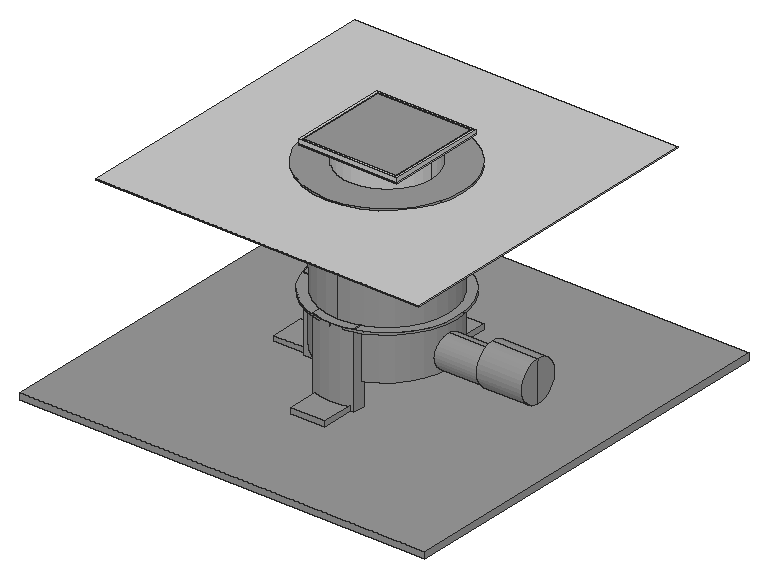
Revit family "HL_Корпус плоского душевого лотка InFloor_HL541", category Plumbing Fixtures, Revit 2016
Family settings
  Part Type = Normal
  Round Connector Dimension = Use Diameter
  OmniClass Number = 23.70.50.21.24.14
  OmniClass Title = Deck Waste Water Drains
  Work Plane-Based = No
  Always vertical = Yes
  Cut with Voids When Loaded = No
  Shared = No
  Room Calculation Point = Yes
Parameters (values of type "HL_Корпус плоского душевого лотка InFloor_HL541")
  РЕШЁТКА = "Edelstahl V2A 115x115mm"
  РАЗМЕР = "DN40/50"
  ПРОПУСКНАЯ СПОСОБНОСТЬ [instance] = 0.0 L/s
  ПРОИЗВОДИТЕЛЬНОСТЬ = "0,47l/s"
  ПРАВОВАЯ ИНФОРМАЦИЯ = "\"Авторские права(©), права на дизайн или какие либо другие права интелектуальной собственности являются исключительной собственностью компании HL Hutterer & Lechner. Изменению не подлежит. Файл семейства с данными о прозводителе изделия защищен паролем с водяным знаком.\""
  НОМИНАЛЬНЫЙ ДИАМЕТР [instance] = 50 mm
  НАСАДКА = "Edelstahl V4A 10-30mm/121x121"
  МАТЕРИАЛ = "PP/Edelstahl"
  МАКСИМАЛЬНАЯ НАГРУЗКА КЛАССА = "K3 - 300kg"
  ВЫСОТА МОНТАЖА = "62-200mm (Estrichoberkante)"
  ВЕС = "1,12 kg"
  x [instance] = if(Высота монтажа 1 < Высота монтажа 1 min, -10 mm, if(Высота монтажа 1 > Высота монтажа 1 max, -10 mm, if(Высота монтажа 2 < Высота монтажа 2 min, -10 mm, if(Высота монтажа 2 > Высота монтажа 2 max, -10 mm, if(Высота монтажа 3 < Высота монтажа 3 min, -10 mm, if(Высота монтажа 3 > Высота монтажа 3 max, -10 mm, 20 mm))))))  # 20 mm
  Manufacturer = "HL Hutterer & Lechner GmbH"
  URL = "http://www.hutterer-lechner.com/ru/products/catalog/roof-drains/HL541.aspx"
  Tile Material [instance] = none
  Vent Connection = no
  Waste Connection = yes
  HW Connection = no
  CW Connection = no
  Description = "Душевой трап"
  ND40 [instance] = (НОМИНАЛЬНЫЙ ДИАМЕТР = 40 mm)  # no
  Model = "HL541"
  Assembly Code = " "
  Type Comments = "Душевой трап \"PRIMUS-BLUE\", в комплект входит \"СУХОЙ\" сифон, гидроизоляционный комплект для жидкой гидроизоляции, монтажные уголки для регулировки по высоте, монтажная заглушка и надставной элемент с подрамником."
  Keynote = "HL541"
  Высота монтажа 3 min [instance] = 0 mm  # constant formula
  Высота монтажа 3 max [instance] = 30 mm  # constant formula
  Высота монтажа 3 [instance] = 30 mm
  Высота монтажа 2 min [instance] = 62 mm  # constant formula
  Высота монтажа 2 max [instance] = 200 mm  # constant formula
  Высота монтажа 1 min [instance] = 10 mm  # constant formula
  Высота монтажа 1 max [instance] = 30 mm  # constant formula
  IH [instance] = if(НОМИНАЛЬНЫЙ ДИАМЕТР = 50 mm, Высота монтажа 1 + Высота монтажа 2 + 3 mm, if(НОМИНАЛЬНЫЙ ДИАМЕТР = 40 mm, Высота монтажа 1 + Высота монтажа 2 + 3 mm, -10 mm))  # 233 mm
  Высота монтажа 2 [instance] = 200 mm
  Высота монтажа 1 [instance] = 30 mm
  HL6200 [instance] = yes
  решётка_тип = HL_Pешётка_HL037Pr.1E : HL_Pешётка_HL037Pr.1E
  G [instance] = 90.00°  # constant formula
  EAN = "9003076048205"
  D [instance] = if(НОМИНАЛЬНЫЙ ДИАМЕТР = 50 mm, 187 mm, if(НОМИНАЛЬНЫЙ ДИАМЕТР = 40 mm, 131 mm, -10 mm))  # 187 mm
  C [instance] = if(НОМИНАЛЬНЫЙ ДИАМЕТР = 50 mm, 207.5 mm, if(НОМИНАЛЬНЫЙ ДИАМЕТР = 40 mm, 212.5 mm, -10 mm)) - 200 mm + Высота монтажа 2 - 30 mm + Высота монтажа 1  # 207.5 mm
  B [instance] = 12 mm  # constant formula
  A [instance] = 12 mm  # constant formula
Reference planes
  plane 1 "Center (Front/Back)": y = 0
  plane 2: z = 0
  plane 3 "Center (Left/Right)": x = 0
  plane 4: z = -12
  plane 5: z = -233
  plane 6: z = -30
  plane 7: z = -50
Lines and regions (mm)
  model lines, style "InvisibleLines"
    curve 1: line (0, 0, 0) -> (0, 0, 20)
  model lines, style "PlumbingFixtures", detail levels coarse+medium
    curve 2: line (0, 0, -207.5) -> (0, 0, -50)
    curve 3: line (0, 0, -50) -> (-50, 0, 0)
    curve 4: line (0, 0, -50) -> (50, 0, 0)
    curve 6: line (0, 0, -207.5) -> (187, 0, -207.5)
  reference lines, not visible
    curve 5: line (0, 0, -207.5) -> (187, 0, -207.5)
  symbolic lines, style "PlumbingFixtures", detail levels coarse+medium
    curve 7: line (-75, 75, 0) -> (75, 75, 0)
    curve 8: line (-75, -75, 0) -> (-75, 75, 0)
    curve 9: line (75, -75, 0) -> (-75, -75, 0)
    curve 10: line (75, 75, 0) -> (75, -75, 0)
    curve 11: line (-75, 75, 0) -> (-145.711, 145.711, 0)
    curve 12: line (75, 75, 0) -> (145.711, 145.711, 0)
    curve 13: line (-75, -75, 0) -> (-145.711, -145.711, 0)
    curve 14: line (75, -75, 0) -> (145.711, -145.711, 0)
  symbolic lines, style "PlumbingFixtures", not visible, detail levels coarse+medium
    curve 15: line (-75, 75, 0) -> (75, 75, 0)
    curve 16: line (-75, -75, 0) -> (-75, 75, 0)
    curve 17: line (75, -75, 0) -> (-75, -75, 0)
    curve 18: line (75, 75, 0) -> (75, -75, 0)
    curve 19: line (-75, 75, 0) -> (-145.711, 145.711, 0)
    curve 20: line (75, 75, 0) -> (145.711, 145.711, 0)
    curve 21: line (-75, -75, 0) -> (-145.711, -145.711, 0)
    curve 22: line (75, -75, 0) -> (145.711, -145.711, 0)
Text (mm)
  text "FLOOR" at (-162.344, 0, -10.979), in view "вид строительства."
Dimensions and locks
  "B": plane 2 to plane 4
  "IH": plane 2 to plane 5
  plane 4 to curve 4 = 38 mm
  "D": curve 5 to curve 5
  "D": curve 6 to curve 6
  "Высота монтажа 1": plane 2 to plane 6
  "x": plane 6 to plane 7
  "C": plane 2 to curve 5
  locked: curve 4 to plane 3 "Center (Left/Right)" (angle 45.00°)
  locked: plane 3 "Center (Left/Right)" to curve 3 (angle 45.00°)
  "G": angle curve 5 to plane 3 "Center (Left/Right)"
  aligned and locked: level to plane 2
  aligned and locked: plane 2 to curve 4
  aligned and locked: plane 2 to curve 3
  aligned and locked: plane 3 "Center (Left/Right)" to curve 5
  aligned and locked: curve 6 to plane 3 "Center (Left/Right)"
  aligned and locked: nested 1 to plane 3 "Center (Left/Right)"
  aligned and locked: curve 6 to curve 5
  aligned and locked: curve 2 to curve 6
  aligned and locked: nested 2 to nested 1  (x2)
  aligned and locked: plane 2 to nested 1
  aligned and locked: plane 3 "Center (Left/Right)" to nested 3
Automatic sketch dimensions
  plane 3 "Center (Left/Right)" to curve 2 = 0 mm
  curve 1 to plane 3 "Center (Left/Right)" = 0 mm
  curve 1 to level = 0 mm
  level to curve 1 = 20 mm
Nested families
  nested 1: "HL_541" at (0, 0, 0), IH1 <- "Высота монтажа 1", IH2 <- "Высота монтажа 2", IH3 <- "Высота монтажа 3", DN 40 <- "ND40", type "HL_541"
    with IH3 30 mm, IH2 200 mm, IH1 30 mm, DN 50 yes, DN 40 no, A 40 mm
  nested 2: "HL_Звукоизоляционная прокладка_HL6200" at (0, 0, -262.536), visible <- "HL6200", type "HL_Звукоизоляционная прокладка_HL6200"
  nested 3: "HL_Pешётка_HL037Pr.1E" at (0, 0, 0), type <- "решётка_тип", type "HL_Pешётка_HL037Pr.1E"
Connectors
  piping at (187, 0, -207.5), diameter 50, driven by "ПРОПУСКНАЯ СПОСОБНОСТЬ", driven by "НОМИНАЛЬНЫЙ ДИАМЕТР"
    settings: on curve 5, index 1, connector inside diameter 609.6 mm, connector length 0 mm, flow factor 0, pipe flow 0.0 L/s, pressure drop 0.0 Pa, fitting loss kfactor 0, connector angle 0.00°, fixture units 0, engagement length 0 mm, angle of deflection 0.00°, flow configuration 1, flow direction 2, fitting loss method 0, system type 16, joint type 0, gender type 0, connector reference index -1, connector utility 0, adjustable connector yes, is connector primary yes, connector description ""
Definition of nested family "HL_541"
  Parameters (values of type "HL_541")
    РЕШЁТКА = "Edelstahl V2A 115x115mm"
    РАЗМЕР = "DN40/50"
    ПРОИЗВОДИТЕЛЬНОСТЬ = "0,47l/s"
    ПРАВОВАЯ ИНФОРМАЦИЯ = "\"Авторские права(©), права на дизайн или какие либо другие права интелектуальной собственности являются исключительной собственностью компании HL Hutterer & Lechner. Изменению не подлежит. Файл семейства с данными о прозводителе изделия защищен паролем с водяным знаком.\""
    НАСАДКА = "Edelstahl V4A 10-30mm/121x121"
    МАТЕРИАЛ = "PP/Edelstahl"
    МАКСИМАЛЬНАЯ НАГРУЗКА КЛАССА = "K3 - 300kg"
    ВЫСОТА МОНТАЖА = "62-200mm (Estrichoberkante)"
    ВЕС = "1,12 kg"
    Manufacturer = "HL Hutterer & Lechner GmbH"
    URL = "http://www.hutterer-lechner.com/ru/products/catalog/roof-drains/HL541.aspx"
    Description = "Душевой трап"
    Model = "HL541"
    Type Comments = "Душевой трап \"PRIMUS-BLUE\", в комплект входит \"СУХОЙ\" сифон, гидроизоляционный комплект для жидкой гидроизоляции, монтажные уголки для регулировки по высоте, монтажная заглушка и надставной элемент с подрамником."
    Keynote = "HL541"
    IH3 min = 0 mm  # constant formula
    IH3 max = 30 mm  # constant formula
    IH3 [instance] = 30 mm
    IH2 min = 62 mm  # constant formula
    IH2 max = 200 mm  # constant formula
    IH2 [instance] = 200 mm
    IH1 min = 10 mm  # constant formula
    IH1 max = 30 mm  # constant formula
    IH1 [instance] = 30 mm
    EAN = "9003076048205"
    DN 50 [instance] = not(DN 40)  # yes
    DN 40 [instance] = no
    Cost = 0
    A [instance] = IH3 + 10 mm  # 40 mm
  Values of the unnamed type that differ from the named types
    ПРАВОВАЯ ИНФОРМАЦИЯ = "\"Copyright (©), design rights or any other intellectual property rights, shall be the exclusive property of HL Hutterer & Lechner GmbH. Modification is not allowed. Family has been watermarked.\""
    URL = "http://www.hutterer-lechner.com/en/products/catalog/roof-drains/HL541.aspx"
    Description = "Shower drain"
    Type Comments = "Shower drain \"Primus-Blue\", including sealing kit and adjusting angles"
  Reference planes
    plane 1 "Střed (vpředu/vzadu)": y = 0
    plane 2: z = 0
    plane 3 "Střed (vlevo/vpravo)": x = 0
    plane 4: z = -30
    plane 5: z = -32.536
    plane 6: z = -170.536
    plane 7: z = -262.536
    plane 8: z = -232.536
    plane 9: z = -222.536
  Forms (mm)
    Extrusion 1, solid, detail levels fine
      sketch origin (0, -200, -32.536) x (0, 1, 0) y (-1, 0, 0)
        loop
          line (0, 200) -> (0, -200) -> (400, -200) -> (400, 200) -> (0, 200)
      from 0 to 1
    Extrusion 2, solid, detail levels fine
      sketch origin (0, -200, -32.536) x (0, 1, 0) y (-1, 0, 0)
        loop
          circle (200, 0) r 94.116
      from 1 to 2.5
    Extrusion 3, solid, detail levels fine
      sketch origin (0, 0, 0) x (1, 0, 0) y (0, 1, 0)
        loop
          line (-60.806, 60.806) -> (-60.806, -60.806) -> (60.806, -60.806) -> (60.806, 60.806) -> (-60.806, 60.806)
        loop
          line (58, -58) -> (58, 58) -> (-58, 58) -> (-58, -58) -> (58, -58)
      from 0 to -5.3
    Extrusion 4, solid, detail levels fine
      sketch origin (0, 0, 0) x (1, 0, 0) y (0, 1, 0)
        loop
          line (-60.806, 60.806) -> (-60.806, -60.806) -> (60.806, -60.806) -> (60.806, 60.806) -> (-60.806, 60.806)
      from -5.3 to -6.3
    Extrusion 5, solid, detail levels fine
      sketch origin (0, 0, 0) x (1, 0, 0) y (0, 1, 0)
        loop
          circle (0, 0) r 55
      from -6.3 to -30
    Extrusion 6, solid, detail levels fine
      sketch origin (0, 88, -170.536) x (0, 1, 0) y (-1, 0, 0)
        loop
          circle (-88, 0) r 76.261
      from -62 to 138
    Extrusion 7, solid, detail levels fine
      sketch origin (0, 88, -170.536) x (0, 1, 0) y (-1, 0, 0)
        loop
          circle (-88, 0) r 87.869
      from 0 to -2.5
    Extrusion 8, solid, detail levels fine
      sketch origin (0, 122.746, -232.536) x (0, 1, 0) y (-1, 0, 0)
        loop
          arc (-97.392, 83.047) -> (-122.746, 87.869) -> (-148.1, 83.047) r 69.073
          line (-148.1, 83.047) -> (-148.1, 68.047)
          arc (-148.1, 68.047) -> (-122.746, 72.869) -> (-97.392, 68.047) r 69.073
          line (-97.392, 68.047) -> (-97.392, 83.047)
      from -30 to 62
    Extrusion 9, solid, detail levels fine
      sketch origin (0, 133.67, -262.536) x (0, 1, 0) y (-1, 0, 0)
        loop
          line (-112.67, 122.746) -> (-154.67, 122.746) -> (-154.67, 72.972) -> (-112.67, 72.972) -> (-112.67, 122.746)
      from 0 to 6
    Extrusion 10, solid, detail levels fine
      sketch origin (122.746, 0, -232.536) x (1, 0, 0) y (0, 1, 0)
        loop
          arc (-97.392, 83.047) -> (-122.746, 87.869) -> (-148.1, 83.047) r 69.073
          line (-148.1, 83.047) -> (-148.1, 68.047)
          arc (-148.1, 68.047) -> (-122.746, 72.869) -> (-97.392, 68.047) r 69.073
          line (-97.392, 68.047) -> (-97.392, 83.047)
      from -30 to 62
    Extrusion 11, solid, detail levels fine
      sketch origin (0, 133.67, -262.536) x (0, 1, 0) y (-1, 0, 0)
        loop
          line (-10.924, -21) -> (-10.924, 21) -> (-60.698, 21) -> (-60.698, -21) -> (-10.924, -21)
      from 0 to 6
    Extrusion 12, solid, detail levels fine
      sketch origin (122.746, 0, -232.536) x (1, 0, 0) y (0, 1, 0)
        loop
          line (-97.392, -83.047) -> (-97.392, -68.047)
          arc (-97.392, -68.047) -> (-122.746, -72.869) -> (-148.1, -68.047) r 69.073
          line (-148.1, -68.047) -> (-148.1, -83.047)
          arc (-148.1, -83.047) -> (-122.746, -87.869) -> (-97.392, -83.047) r 69.073
      from -30 to 62
    Extrusion 13, solid, detail levels fine
      sketch origin (0, 133.67, -262.536) x (0, 1, 0) y (-1, 0, 0)
        loop
          line (-256.416, -21) -> (-206.642, -21) -> (-206.642, 21) -> (-256.416, 21) -> (-256.416, -21)
      from 0 to 6
    Revolve 14, solid, visible <- "DN 50", detail levels fine
      sketch origin (0, 0, 0) x (1, 0, 0) y (0, 0, 1)
        loop
          line (187, -207.511) -> (187, -182.511) -> (131, -182.511) -> (131, -207.511) -> (187, -207.511)
        axis (131, -207.511) -> (187, -207.511)
      angle from 0 to 360
    Revolve 15, solid, detail levels fine
      sketch origin (0, 0, 0) x (1, 0, 0) y (0, 0, 1)
        loop
          line (131, -212.511) -> (131, -192.511) -> (51, -192.511) -> (51, -212.511) -> (131, -212.511)
        axis (51, -212.511) -> (131, -212.511)
      angle from 0 to 360
  Dimensions and locks
    "IH1": plane 2 to plane 4
    locked: plane 4 to plane 5 at 2.536
    "IH2": plane 5 to plane 8
    "A": plane 9 to plane 7
    locked: plane 9 to plane 8 at 10
    locked: plane 6 to plane 8 at 62
    locked: Revolve 14 sketch curve to Revolve 14 sketch curve at 25
    locked: Revolve 14 sketch curve to plane 8 at 25.025
    locked: Revolve 15 sketch curve to Revolve 15 sketch curve at 20
    locked: Revolve 15 sketch curve to plane 8 at 20.025
    aligned and locked: level to plane 2
    aligned and locked: Extrusion 5 to plane 4
    aligned and locked: plane 5 to Extrusion 6
    aligned and locked: plane 6 to Extrusion 8
    aligned and locked: Extrusion 8 to plane 7
    aligned and locked: Extrusion 6 to plane 8
    aligned and locked: Extrusion 12 to plane 7
    aligned and locked: Extrusion 10 to plane 7
    aligned and locked: plane 6 to Extrusion 12
    aligned and locked: plane 6 to Extrusion 10
  Automatic sketch dimensions
    plane 1 "Střed (vpředu/vzadu)" to Extrusion 1 sketch curve = 200 mm
    Extrusion 1 sketch curve to plane 1 "Střed (vpředu/vzadu)" = 200 mm
    plane 3 "Střed (vlevo/vpravo)" to Extrusion 1 sketch curve = 200 mm
    Extrusion 1 sketch curve to plane 3 "Střed (vlevo/vpravo)" = 200 mm
    plane 1 "Střed (vpředu/vzadu)" to Extrusion 2 sketch curve = 0 mm
    Extrusion 2 sketch curve to plane 3 "Střed (vlevo/vpravo)" = 0 mm
    Extrusion 3 sketch curve to plane 3 "Střed (vlevo/vpravo)" = 60.806 mm
    Extrusion 3 sketch curve to Extrusion 3 sketch curve = 2.806 mm  (x4)
    plane 3 "Střed (vlevo/vpravo)" to Extrusion 3 sketch curve = 58 mm
    plane 1 "Střed (vpředu/vzadu)" to Extrusion 3 sketch curve = 60.806 mm
    Extrusion 3 sketch curve to plane 1 "Střed (vpředu/vzadu)" = 58 mm
    Extrusion 4 sketch curve to plane 3 "Střed (vlevo/vpravo)" = 60.806 mm
    plane 3 "Střed (vlevo/vpravo)" to Extrusion 4 sketch curve = 60.806 mm
    plane 1 "Střed (vpředu/vzadu)" to Extrusion 4 sketch curve = 60.806 mm
    Extrusion 4 sketch curve to plane 1 "Střed (vpředu/vzadu)" = 60.806 mm
    plane 1 "Střed (vpředu/vzadu)" to Extrusion 5 sketch curve = 0 mm
    Extrusion 5 sketch curve to plane 3 "Střed (vlevo/vpravo)" = 0 mm
    plane 1 "Střed (vpředu/vzadu)" to Extrusion 6 sketch curve = 0 mm
    Extrusion 6 sketch curve to plane 3 "Střed (vlevo/vpravo)" = 0 mm
    plane 1 "Střed (vpředu/vzadu)" to Extrusion 7 sketch curve = 0 mm
    Extrusion 7 sketch curve to plane 3 "Střed (vlevo/vpravo)" = 0 mm
    plane 1 "Střed (vpředu/vzadu)" to Extrusion 8 sketch curve = 0 mm  (x2)
    plane 1 "Střed (vpředu/vzadu)" to Extrusion 8 sketch curve = 25.354 mm
    Extrusion 8 sketch curve to plane 1 "Střed (vpředu/vzadu)" = 25.354 mm
    Extrusion 8 sketch curve to plane 3 "Střed (vlevo/vpravo)" = 3.796 mm
    Extrusion 8 sketch curve to Extrusion 8 sketch curve = 15 mm  (x2)
    Extrusion 8 sketch curve to Extrusion 8 sketch curve = 49.252 mm
    plane 1 "Střed (vpředu/vzadu)" to Extrusion 9 sketch curve = 21 mm
    Extrusion 9 sketch curve to plane 1 "Střed (vpředu/vzadu)" = 21 mm
    Extrusion 9 sketch curve to plane 3 "Střed (vlevo/vpravo)" = 72.972 mm
    Extrusion 9 sketch curve to Extrusion 9 sketch curve = 49.774 mm
    Extrusion 10 sketch curve to plane 3 "Střed (vlevo/vpravo)" = 0 mm  (x2)
    Extrusion 10 sketch curve to plane 3 "Střed (vlevo/vpravo)" = 25.354 mm
    plane 3 "Střed (vlevo/vpravo)" to Extrusion 10 sketch curve = 25.354 mm
    Extrusion 10 sketch curve to plane 1 "Střed (vpředu/vzadu)" = 3.796 mm
    Extrusion 10 sketch curve to Extrusion 10 sketch curve = 15 mm  (x2)
    Extrusion 10 sketch curve to Extrusion 10 sketch curve = 49.252 mm
    plane 3 "Střed (vlevo/vpravo)" to Extrusion 11 sketch curve = 21 mm
    Extrusion 11 sketch curve to plane 1 "Střed (vpředu/vzadu)" = 72.972 mm
    Extrusion 11 sketch curve to plane 3 "Střed (vlevo/vpravo)" = 21 mm
    Extrusion 11 sketch curve to Extrusion 11 sketch curve = 49.774 mm
    Extrusion 12 sketch curve to plane 3 "Střed (vlevo/vpravo)" = 0 mm  (x2)
    Extrusion 12 sketch curve to plane 3 "Střed (vlevo/vpravo)" = 25.354 mm
    plane 3 "Střed (vlevo/vpravo)" to Extrusion 12 sketch curve = 25.354 mm
    plane 1 "Střed (vpředu/vzadu)" to Extrusion 12 sketch curve = 83.047 mm
    Extrusion 12 sketch curve to Extrusion 12 sketch curve = 15 mm
    plane 1 "Střed (vpředu/vzadu)" to Extrusion 12 sketch curve = 18.796 mm
    plane 1 "Střed (vpředu/vzadu)" to Extrusion 12 sketch curve = 3.796 mm
    Extrusion 13 sketch curve to plane 3 "Střed (vlevo/vpravo)" = 21 mm
    plane 1 "Střed (vpředu/vzadu)" to Extrusion 13 sketch curve = 122.746 mm
    Extrusion 13 sketch curve to Extrusion 13 sketch curve = 49.774 mm
    plane 3 "Střed (vlevo/vpravo)" to Extrusion 13 sketch curve = 21 mm
    plane 3 "Střed (vlevo/vpravo)" to Revolve 14 sketch curve = 131 mm
    Revolve 14 sketch curve to Revolve 14 sketch curve = 56 mm
    Revolve 14 sketch curve to Revolve 14 sketch curve = 0 mm
    plane 9 to Revolve 14 sketch curve = 15.025 mm
    Revolve 14 sketch curve to Revolve 14 sketch curve = 105 mm
    plane 3 "Střed (vlevo/vpravo)" to Revolve 15 sketch curve = 51 mm
    Revolve 15 sketch curve to Revolve 15 sketch curve = 80 mm
    Revolve 15 sketch curve to Revolve 15 sketch curve = 0 mm
    plane 9 to Revolve 15 sketch curve = 10.025 mm
    Revolve 15 sketch curve to Revolve 15 sketch curve = 45 mm
    radius of Extrusion 2 sketch curve = 94.116 mm
    radius of Extrusion 5 sketch curve = 55 mm
    radius of Extrusion 6 sketch curve = 76.261 mm
    radius of Extrusion 7 sketch curve = 87.869 mm
Definition of nested family "HL_Звукоизоляционная прокладка_HL6200"
  Parameters (values of type "HL_Звукоизоляционная прокладка_HL6200")
    РАЗМЕР = "500 x 500mm"
    ПРАВОВАЯ ИНФОРМАЦИЯ = "\"Авторские права(©), права на дизайн или какие либо другие права интелектуальной собственности являются исключительной собственностью компании HL Hutterer & Lechner. Изменению не подлежит. Файл семейства с данными о прозводителе изделия защищен паролем с водяным знаком.\""
    МАТЕРИАЛ = "Gummigranulat"
    ВЫСОТА МОНТАЖА = " 8mm"
    ВЕС = "1,82 kg"
    Waste Connection = no
    Vent Connection = no
    Manufacturer = "HL Hutterer & Lechner GmbH"
    URL = "http://www.hutterer-lechner.com/ru/Products/catalog/Barriere-free-showers/attachments/HL6200.aspx"
    HW Connection = no
    Description = "Звукоизоляционная прокладка"
    Model = "HL6200"
    Type Comments = "Звукоизоляционная прокладка 500х500х8 мм"
    Keynote = "HL6200"
    EAN = "9003076033805"
    CW Connection = no
  Reference planes
    plane 1 "Center (Front/Back)": y = 0
    plane 2: z = 0
    plane 3 "Center (Left/Right)": x = 0
    plane 4 "Ball Joint Vertical": x = 25.45
  Forms (mm)
    Extrusion 1, solid, detail levels fine
      sketch origin (0, 0, 0) x (1, 0, 0) y (0, 1, 0)
        loop
          line (-250, 245.976) -> (-250, -254.024) -> (250, -254.024) -> (250, 245.976) -> (-250, 245.976)
      from 0 to -8.024
  Text (mm)
    text "ROOF/FLOOR" at (-198.233, 0, -26.556), in view "вид строительства"
  Dimensions and locks
    locked: plane 4 "Ball Joint Vertical" to plane 3 "Center (Left/Right)" at 25.45
    aligned and locked: level to plane 2
Definition of nested family "HL_Pешётка_HL037Pr.1E"
  Parameters
    РАЗМЕР = "115x115mm"
    ПРАВОВАЯ ИНФОРМАЦИЯ = "\"Авторские права(©), права на дизайн или какие либо другие права интелектуальной собственности являются исключительной собственностью компании HL Hutterer & Lechner. Изменению не подлежит. Файл семейства с данными о прозводителе изделия защищен паролем с водяным знаком.\""
    МАТЕРИАЛ = "Edelstahl"
    МАКСИМАЛЬНАЯ НАГРУЗКА КЛАССА = "K - 300kg"
    ВЕС = "0,156 kg"
    Waste Connection = no
    Vent Connection = no
    Manufacturer = "HL Hutterer & Lechner GmbH"
    URL = "http://www.hutterer-lechner.com/ru/Products/catalog/floor-drains/HL037Pr.1E.aspx"
    HW Connection = no
    Description = "Решётка из нержавеющей стали"
    Model = "HL037Pr.1E"
    Type Comments = "Решётка из нержавеющей стали 115х115 мм для надставного элемента с \"СУХИМ\" сифоном PRIMUS."
    Keynote = "HL037Pr.1E"
    EAN = "9003076028474"
    CW Connection = no
  Reference planes
    plane 1 "Center (Front/Back)": y = 0
    plane 2: z = 0
    plane 3 "Center (Left/Right)": x = 0
    plane 4 "Ball Joint Vertical": x = 25.45
  Forms (mm)
    Extrusion 1, solid, detail levels fine
      sketch origin (0, 0, 0) x (1, 0, 0) y (0, 1, 0)
        loop
          line (-57.5, 57.5) -> (-57.5, -57.5) -> (57.5, -57.5) -> (57.5, 57.5) -> (-57.5, 57.5)
      from 0 to -5
  Lines and regions (mm)
    model lines
      curve 1: line (0, 0, 0) -> (0, 0, 100)
    model lines, detail levels fine
      curve 2: arc (24.51, 37.122, 0) -> (-0.569, 45.077, 0) -> (-25.475, 36.597, 0) r 42.117
      curve 3: arc (-25.475, 36.597, 0) -> (-26.494, 31.803, 0) -> (-21.888, 30.126, 0) r 3.736
      curve 4: arc (24.51, 37.122, 0) -> (26.725, 32.303, 0) -> (21.888, 30.126, 0) r 3.736
      curve 5: arc (21.888, 30.126, 0) -> (0, 36.877, 0) -> (-21.888, 30.126, 0) r 38.859
      curve 6: arc (-37.122, -24.51, 0) -> (-45.077, 0.569, 0) -> (-36.597, 25.475, 0) r 42.117
      curve 7: arc (-36.597, 25.475, 0) -> (-31.803, 26.494, 0) -> (-30.126, 21.888, 0) r 3.736
      curve 8: arc (-37.122, -24.51, 0) -> (-32.303, -26.725, 0) -> (-30.126, -21.888, 0) r 3.736
      curve 9: arc (-30.126, -21.888, 0) -> (-36.877, 0, 0) -> (-30.126, 21.888, 0) r 38.859
      curve 10: arc (37.122, -24.51, 0) -> (45.077, 0.569, 0) -> (36.597, 25.475, 0) r 42.117
      curve 11: arc (36.597, 25.475, 0) -> (31.803, 26.494, 0) -> (30.126, 21.888, 0) r 3.736
      curve 12: arc (37.122, -24.51, 0) -> (32.303, -26.725, 0) -> (30.126, -21.888, 0) r 3.736
      curve 13: arc (30.126, -21.888, 0) -> (36.877, 0, 0) -> (30.126, 21.888, 0) r 38.859
      curve 14: arc (24.51, -37.122, 0) -> (-0.569, -45.077, 0) -> (-25.475, -36.597, 0) r 42.117
      curve 15: arc (-25.475, -36.597, 0) -> (-26.494, -31.803, 0) -> (-21.888, -30.126, 0) r 3.736
      curve 16: arc (24.51, -37.122, 0) -> (26.725, -32.303, 0) -> (21.888, -30.126, 0) r 3.736
      curve 17: arc (21.888, -30.126, 0) -> (0, -36.877, 0) -> (-21.888, -30.126, 0) r 38.859
  Text (mm)
    text "ROOF/FLOOR" at (-198.233, 0, -26.556), in view "вид строительства"
  Dimensions and locks
    locked: plane 4 "Ball Joint Vertical" to plane 3 "Center (Left/Right)" at 25.45
    aligned and locked: level to plane 2
